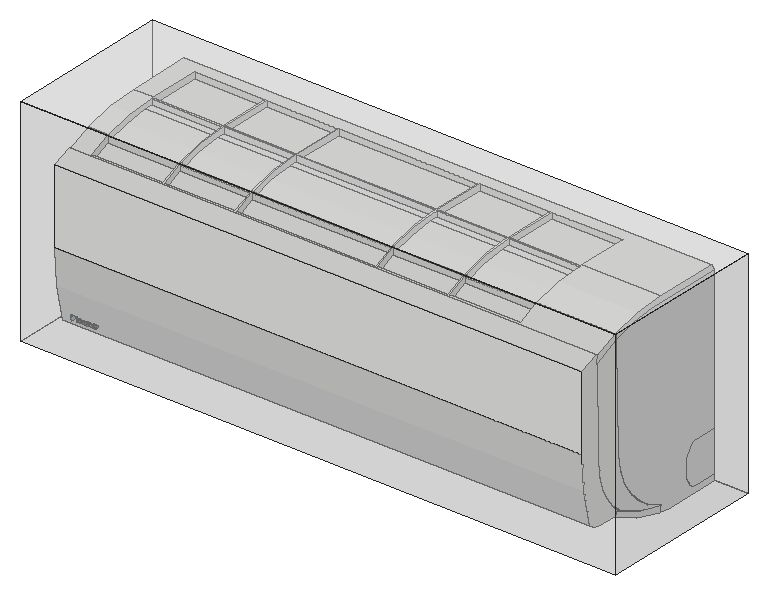
Revit family "outputfile", category 機械設備, Revit 2024
Family settings
  丸型コネクタ寸法 = 半径を使用
  パーツ タイプ = 標準
  OmniClass 番号 = 23.75.10.24.21.27.27
  OmniClass タイトル = Split System Air Conditioning Units
  作業面ベース = いいえ
  常に垂直 = はい
  ロード時にボイドで切り取り = いいえ
  注釈の向きを維持 = いいえ
  共有 = いいえ
  部屋計算ポイント = いいえ
Parameters (values of type "FTKB50XVMV")
  Description = ""
  書き出し IFC クラス(タイプ) = "IfcUnitaryEquipmentType"
  定義済み IFC タイプ(タイプ) = "AIRCONDITIONINGUNIT"
  Cost = 0
  Type Comments = ""
  Keynote = ""
  Type Image = (empty or 0)
  Assembly Code = ""
  w_wall hole = 48.0 mm  # constant formula
  製造元 = "Daikin"
  モデル = "FTKB50XVMV"
  switch_frequency = yes
  r_Liquid Pipe Size = Liquid Pipe Size / 2  # 3.2 mm
  r_Gas Pipe Size = Gas Pipe Size / 2  # 6.35 mm
  r_Drain Pipe Size = Drain Pipe Size / 2  # 8.0 mm
  lw_powersupply [instance] = if(or(Rear Right Connection_refrigerant, Bottom Right Connection_refrigerant), 30.0 mm, if(or(Rear Left Connection_refrigerant, Bottom Left Connection_refrigerant), 740.0 mm, 385.0 mm))  # 385.0 mm
  lw_liquidpipe [instance] = if(or(Rear Right Connection_refrigerant, Bottom Right Connection_refrigerant), 0.0 mm, if(or(Rear Left Connection_refrigerant, Bottom Left Connection_refrigerant), 674.0 mm, 385.0 mm))  # 385.0 mm
  lw_gaspipe [instance] = if(or(Rear Right Connection_refrigerant, Bottom Right Connection_refrigerant), 0.0 mm, if(or(Rear Left Connection_refrigerant, Bottom Left Connection_refrigerant), 674.0 mm, 345.0 mm))  # 345.0 mm
  lw_drainpipe [instance] = if(or(Rear Right Connection_refrigerant, Bottom Right Connection_refrigerant), 0.0 mm, if(or(Rear Left Connection_refrigerant, Bottom Left Connection_refrigerant), 674.0 mm, 440.0 mm))  # 440.0 mm
  l_powersupply_length [instance] = if(Right Connection_refrigerant, 385.0 mm, if(Left Connection_refrigerant, 385.0 mm, if(or(Rear Left Connection_refrigerant, Rear Right Connection_refrigerant), 15.0 mm, 50.0 mm)))  # 385.0 mm
  l_liquidpipe_length [instance] = if(Right Connection_refrigerant, 433.0 mm, if(Left Connection_refrigerant, 337.0 mm, if(or(Rear Left Connection_refrigerant, Rear Right Connection_refrigerant), 30.0 mm, 40.0 mm)))  # 433.0 mm
  l_gaspipe_length [instance] = if(Right Connection_refrigerant, 393.0 mm, if(Left Connection_refrigerant, 377.0 mm, if(or(Rear Left Connection_refrigerant, Rear Right Connection_refrigerant), 40.0 mm, 50.0 mm)))  # 393.0 mm
  l_drainpipe_length [instance] = if(Right Connection_refrigerant, 488.0 mm, if(Left Connection_refrigerant, 282.0 mm, if(or(Rear Left Connection_refrigerant, Rear Right Connection_refrigerant), 15.0 mm, 20.0 mm)))  # 488.0 mm
  h*** = 0.0 mm  # constant formula
  connector_voltage = Voltage_50Hz  # 230 V
  connector_powerinput = [Power Input (Cooling)]  # 0.000 kW
  connector_phase = Phase_50Hz  # 1
  angle_vertical [instance] = if(or(Bottom Left Connection_refrigerant, Bottom Right Connection_refrigerant), 0.00°, 90.00°)  # 90.00°
  angle_horizontal [instance] = if(Right Connection_refrigerant, 90.00°, if(Left Connection_refrigerant, -90.00°, if(or(Rear Left Connection_refrigerant, Rear Right Connection_refrigerant), 180.00°, 0.00°)))  # 90.00°
  Width = 770.0 mm
  Voltage_comment_50Hz = "220 - 240"
  Voltage_50Hz = 230 V
  Version = "ver.1.0"
  Unit Type = "Wall Mounted"
  Unit Mass Weight = 8.00 kg
  Unit Designation [instance] = ""
  Uniclass2015Version = "Products v1.30"
  Uniclass2015Title = "Split coil room air conditioning units"
  Uniclass2015Code = "Pr_70_65_03_86"
  URL = ""
  Total Cooling Capacity [instance] = 0.000 kW
  Sound Pressure Level_M speed (dBA) = 40
  Sound Pressure Level_L speed (dBA) = 35
  Sound Pressure Level_H speed (dBA) = 44
  Sound Power Level_H speed (dB) = 0
  Series = "Single Split_Fan Coil Unit"
  Sensible Cooling Capacity [instance] = 0.000 kW
  Refrigerant Type = "R32"
  Power Input (Cooling) = 0.000 kW
  Phase_50Hz = 1
  Option Accessory 3 [instance] = ""
  Option Accessory 2 [instance] = ""
  Option Accessory 1 [instance] = ""
  Nominal Cooling Capacity = 5.300 kW
  Minimum Circuit Amps_50Hz = 0.0 A
  Minimum Airflow = 516.00 m³/h
  Median Airflow = 636.00 m³/h
  Maximum Fuse Amps_50Hz = 0.0 A
  Maximum Airflow = 774.00 m³/h
  Material_Casing = DAIKIN_White_Casing_indoorunit
  Load Classification = HVAC
  Liquid Pipe Size = 6.4 mm
  Link_Nested Family [instance] = ""
  IfcVersion = ""
  IfcExportType = "AIRCONDITIONINGUNIT"
  IfcExportAs = "IfcUnitaryEquipmentType"
  Height = 285.0 mm
  Heat Exchanger Type = "Cross Fin Coil"
  Gas Pipe Size = 12.7 mm
  Frequency_50Hz = 50 Hz
  Fan Type = "Cross Flow Fan"
  Fan Drive = "Direct Drive"
  FCU Tag No. [instance] = ""
  Drain Pipe Size = 16.0 mm
  Design Supply Airflow [instance] = 0.00 m³/h
  Depth = 242.0 mm
  既定の高さ = 0.0 mm
  Cooling Entering Wet Bulb Temperature [instance] = 0.00 °C
  Cooling Entering Dry Bulb Temperature [instance] = 0.00 °C
  Cooling Ambient Wet Bulb Temperature [instance] = 0.00 °C
  Cooling Ambient Dry Bulb Temperature [instance] = 0.00 °C
  Clearance visibility [instance] = yes
  Clearance Top = 30.0 mm
  Clearance Right = 50.0 mm
  Clearance Rear = 0.0 mm
  Clearance Left = 50.0 mm
  Clearance Front = 0.0 mm
  Clearance Bottom = 0.0 mm
  Bottom Right Connection_refrigerant [instance] = no
  Bottom Left Connection_refrigerant [instance] = no
  Rear Right Connection_refrigerant [instance] = no
  Rear Left Connection_refrigerant [instance] = no
  Right Connection_refrigerant [instance] = yes
  Left Connection_refrigerant [instance] = no
Reference planes
  plane 1 "Back": y = 0
  plane 2: z = 0
  plane 3 "Center (Left/Right)": x = 0
  plane 4 "Center (Front/Back)": y = -121
  plane 5 "Front": y = -242
  plane 6 "Left": x = -385
  plane 7 "Right": x = 385
  plane 8 "Top": z = 0
  plane 9 "Bottom": z = -285
  plane 10: x = -435
  plane 11: x = 435
  plane 12: y = 0
  plane 13: y = -242
  plane 14: z = 30
  plane 15: z = -285
  plane 16 "lw_Piping and Wiring intake": x = 337
  plane 17 "lw_gaspipe": x = -8
  plane 18 "lw_liquidpipe": x = -48
  plane 19 "lw_drainpipe": x = -103
  plane 20 "lh_drainpipe": z = -265
  plane 21 "lh_liquidpipe": z = -245
  plane 22 "lh_gaspipe": z = -235
  plane 23 "ld_drainpipe": y = -15
  plane 24 "ld_liquidpipe": y = -30
  plane 25 "ld_gaspipe": y = -40
  plane 26 "lw_powersupply": x = 0
Dimensions and locks
  equal spacing: plane 6 "Left", plane 3 "Center (Left/Right)", plane 7 "Right"
  "Width": plane 6 "Left" to plane 7 "Right"
  equal spacing: plane 5 "Front", plane 4 "Center (Front/Back)", plane 1 "Back"
  "Depth": plane 5 "Front" to plane 1 "Back"
  "Height": plane 8 "Top" to plane 9 "Bottom"
  "Clearance Rear": plane 12 to plane 1 "Back"
  "Clearance Front": plane 13 to plane 5 "Front"
  "Clearance Top": plane 14 to plane 8 "Top"
  "Clearance Bottom": plane 9 "Bottom" to plane 15
  "w_wall hole": plane 16 "lw_Piping and Wiring intake" to plane 7 "Right"
  "lw_gaspipe": plane 17 "lw_gaspipe" to plane 16 "lw_Piping and Wiring intake"
  "lw_liquidpipe": plane 18 "lw_liquidpipe" to plane 16 "lw_Piping and Wiring intake"
  "lw_drainpipe": plane 19 "lw_drainpipe" to plane 16 "lw_Piping and Wiring intake"
  locked: plane 20 "lh_drainpipe" to plane 9 "Bottom" at 20
  locked: plane 21 "lh_liquidpipe" to plane 9 "Bottom" at 40
  locked: plane 22 "lh_gaspipe" to plane 9 "Bottom" at 50
  locked: plane 23 "ld_drainpipe" to plane 1 "Back" at 15
  locked: plane 1 "Back" to plane 24 "ld_liquidpipe" at 30
  locked: plane 1 "Back" to plane 25 "ld_gaspipe" at 40
  "lw_powersupply": plane 26 "lw_powersupply" to plane 7 "Right"
  "Clearance Right": plane 7 "Right" to plane 11
  "Clearance Left": plane 10 to plane 6 "Left"
  aligned and locked: level to plane 2
  aligned and locked: plane 12 to nested 1
  aligned and locked: nested 1 to plane 13
  aligned and locked: plane 10 to nested 1
  aligned and locked: plane 11 to nested 1
  aligned and locked: plane 15 to nested 1
  aligned and locked: plane 14 to nested 1
  aligned and locked: plane 17 "lw_gaspipe" to nested 2
  aligned and locked: nested 2 to plane 25 "ld_gaspipe"
  aligned and locked: plane 18 "lw_liquidpipe" to nested 3
  aligned and locked: nested 3 to plane 24 "ld_liquidpipe"
  aligned and locked: plane 19 "lw_drainpipe" to nested 4
  aligned and locked: nested 4 to plane 23 "ld_drainpipe"
  aligned and locked: nested 5 to plane 23 "ld_drainpipe"
  aligned and locked: plane 26 "lw_powersupply" to nested 5
  aligned and locked: level to plane 8 "Top"
  aligned and locked: plane 3 "Center (Left/Right)" to nested 6
  aligned and locked: plane 8 "Top" to nested 6
  aligned and locked: plane 1 "Back" to nested 6
Nested families
  nested 1: "daikin_clearancespace" at (0, -121, -127.381), show <- "Clearance visibility", visible <- "Clearance visibility", Link_Nested Family <- "Link_Nested Family", type "daikin_clearancespace"
    with width 870.0 mm, show yes, height 315.0 mm, depth 242.0 mm, Link_Nested Family ""
  nested 2: "daikin_connector_rotate3" at (-8, -40, -235), angle_vertical <- "angle_vertical", angle_horizontal <- "angle_horizontal", length <- "l_gaspipe_length", radius <- "r_Gas Pipe Size", type "daikin_connector_rotate3"
    with show no, radius 6.35 mm, length 393.0 mm, angle_vertical 90.00°, angle_horizontal 90.00°
  nested 3: "daikin_connector_rotate3" at (-48, -30, -245), angle_vertical <- "angle_vertical", angle_horizontal <- "angle_horizontal", radius <- "r_Liquid Pipe Size", length <- "l_liquidpipe_length", type "daikin_connector_rotate3"
    with show no, radius 3.2 mm, length 433.0 mm, angle_vertical 90.00°, angle_horizontal 90.00°
  nested 4: "daikin_connector_rotate3" at (-103, -15, -265), angle_vertical <- "angle_vertical", angle_horizontal <- "angle_horizontal", length <- "l_drainpipe_length", radius <- "r_Drain Pipe Size", type "daikin_connector_rotate3"
    with show no, radius 8.0 mm, length 488.0 mm, angle_vertical 90.00°, angle_horizontal 90.00°
  nested 5: "daikin_connector_rotate3" at (0, -15, -235), angle_vertical <- "angle_vertical", angle_horizontal <- "angle_horizontal", length <- "l_powersupply_length", type "daikin_connector_rotate3"
    with show no, radius 10.0 mm, length 385.0 mm, angle_vertical 90.00°, angle_horizontal 90.00°
  nested 6: "DAIKIN_indoorunit_FTKB-XVMV" at (-31, 0, 0), type "FTKB-XVMV"
Connectors
  piping at (385, -40, -235), diameter 12.7, driven by "r_Gas Pipe Size"
    settings: on nested 2, index 1, connector inside diameter 609.6 mm, connector length 0.0 mm, flow factor 0, pipe flow 0.00 m³/h, pressure drop 0.0 Pa, fitting loss kfactor 0, connector angle 0.00°, fixture units 0, engagement length 0.0 mm, angle of deflection 0.00°, flow configuration 1, flow direction 2, fitting loss method 0, system type 29, joint type 0, gender type 0, connector reference index -1, connector utility 0, adjustable connector no, is connector primary yes, connector description "Refrigerant Gas Piping"
  piping at (385, -30, -245), diameter 6.4, driven by "r_Liquid Pipe Size"
    settings: on nested 3, index 2, connector inside diameter 609.6 mm, connector length 0.0 mm, flow factor 0, pipe flow 0.00 m³/h, pressure drop 0.0 Pa, fitting loss kfactor 0, connector angle 0.00°, fixture units 0, engagement length 0.0 mm, angle of deflection 0.00°, flow configuration 1, flow direction 1, fitting loss method 0, system type 29, joint type 0, gender type 0, connector reference index -1, connector utility 0, adjustable connector no, is connector primary no, connector description "Refrigerant Liquid Piping"
  piping at (385, -15, -265), diameter 16, driven by "r_Drain Pipe Size"
    settings: on nested 4, index 3, connector inside diameter 609.6 mm, connector length 0.0 mm, flow factor 0, pipe flow 0.00 m³/h, pressure drop 0.0 Pa, fitting loss kfactor 0, connector angle 0.00°, fixture units 0, engagement length 0.0 mm, angle of deflection 0.00°, flow configuration 1, flow direction 2, fitting loss method 4, system type 16, joint type 0, gender type 0, connector reference index -1, connector utility 0, adjustable connector no, is connector primary no, connector description "Condensate Drain Piping"
  electrical at (385, -15, -235), driven by "Load Classification", driven by "connector_voltage", driven by "connector_phase", driven by "connector_powerinput"
    settings: on nested 5, index 4, voltage 230 V, apparent load 0 VA, apparent load phase1 0 VA, apparent load phase2 0 VA, apparent load phase3 0 VA, power factor 1, load classification "HVAC", number of poles 1, system type 30, power factor state 1, is connector primary yes, connector utility no, sub classification motor no, connector description "Power Supply"
Definition of nested family "daikin_clearancespace"
  Parameters (values of type "daikin_clearancespace")
    Description = "daikin_clearancespace"
    width [instance] = 1823.963 mm
    show [instance] = yes
    material = none
    height [instance] = 1359.762 mm
    depth [instance] = 880.0 mm
    Default Elevation = 0.0 mm
    Link_Nested Family [instance] = ""
  Reference planes
    plane 1 "Center (Front/Back)": y = 0
    plane 2 "Center (Elevation)": z = -0.119
    plane 3 "Center (Left/Right)": x = 0
    plane 4: y = 440
    plane 5: y = -440
    plane 6 "Right": x = 911.982
    plane 7 "Left": x = -911.982
    plane 8 "Top": z = 679.762
    plane 9 "Bottom": z = -680
  Forms (mm)
    Extrusion 1, solid, material <- "material", visible <- "show"
      sketch origin (0, 0, 0) x (1, 0, 0) y (0, 1, 0)
        loop
          line (-911.982, 440) -> (-911.982, -440) -> (911.982, -440) -> (911.982, 440) -> (-911.982, 440)
      from -680 to 679.762
  Lines and regions (mm)
    symbolic lines, visible <- "show"
      curve 1: line (911.982, 440, 0) -> (-911.982, 440, 0)
      curve 2: line (-911.982, 440, 0) -> (-911.982, -440, 0)
      curve 3: line (-911.982, -440, 0) -> (911.982, -440, 0)
      curve 4: line (911.982, -440, 0) -> (911.982, 440, 0)
      curve 5: line (911.982, 0, 679.762) -> (-911.982, 0, 679.762)
      curve 6: line (911.982, 0, -680) -> (911.982, 0, 679.762)
      curve 7: line (-911.982, 0, -680) -> (911.982, 0, -680)
      curve 8: line (-911.982, 0, 679.762) -> (-911.982, 0, -680)
      curve 9: line (0, 440, 679.762) -> (0, -440, 679.762)
      curve 10: line (0, -440, 679.762) -> (0, -440, -680)
      curve 11: line (0, 440, -680) -> (0, 440, 679.762)
      curve 12: line (0, -440, -680) -> (0, 440, -680)
  Dimensions and locks
    "width": plane 7 "Left" to plane 6 "Right"
    "depth": plane 4 to plane 5
    "height": plane 8 "Top" to plane 9 "Bottom"
    equal spacing: plane 7 "Left", plane 3 "Center (Left/Right)", plane 6 "Right"
    equal spacing: plane 4, plane 1 "Center (Front/Back)", plane 5
    equal spacing: plane 8 "Top", plane 2 "Center (Elevation)", plane 9 "Bottom"
    aligned and locked: level to plane 2 "Center (Elevation)"
    aligned and locked: Extrusion 1 sketch curve to plane 4
    aligned and locked: plane 7 "Left" to Extrusion 1 sketch curve
    aligned and locked: Extrusion 1 sketch curve to plane 5
    aligned and locked: Extrusion 1 sketch curve to plane 6 "Right"
    aligned and locked: plane 8 "Top" to Extrusion 1
    aligned and locked: curve 1 to Extrusion 1
    aligned and locked: curve 2 to Extrusion 1
    aligned and locked: curve 3 to Extrusion 1
    aligned and locked: curve 4 to Extrusion 1
    aligned and locked: curve 5 to Extrusion 1
    aligned and locked: curve 6 to Extrusion 1
    aligned and locked: curve 7 to Extrusion 1
    aligned and locked: curve 8 to Extrusion 1
    aligned and locked: curve 9 to Extrusion 1
    aligned and locked: curve 10 to Extrusion 1
    aligned and locked: curve 11 to Extrusion 1
    aligned and locked: curve 12 to Extrusion 1
    aligned and locked: Extrusion 1 to plane 9 "Bottom"
Definition of nested family "DAIKIN_indoorunit_FTKB-XVMV"
  Parameters (values of type "FTKB-XVMV")
    Width = 770.0 mm
    Material_Casing = none
    Height = 285.0 mm
    Default Elevation = 0.0 mm
  Reference planes
    plane 1 "Center (Front/Back)": y = 0
    plane 2 "reference_level": z = 0
    plane 3 "Center (Left/Right)": x = 31
    plane 4: x = -354
    plane 5: x = 416
    plane 6: y = -242
    plane 7: z = -285
  Forms (mm)
    Extrusion 1, solid, material <- "Material_Casing"
      sketch origin (31, 0, 0) x (0, 1, 0) y (0, 0, 1)
        loop
          line (-181.516, -252.416) -> (-177.432, -245.341)
          arc (-177.432, -245.341) -> (-187.602, -234.721) -> (-196.157, -222.761) r 103
          arc (-196.157, -222.761) -> (-204.858, -204.875) -> (-209.959, -185.65) r 103
          arc (-209.959, -185.65) -> (-211.672, -172.918) -> (-212.646, -160.108) r 222
          arc (-212.646, -160.108) -> (-214.738, -92.842) -> (-214.74, -25.543) r 2166.704
          line (-214.74, -25.543) -> (-242, -36.1) -> (-242, -144.253)
          arc (-242, -144.253) -> (-238.127, -195.07) -> (-226.597, -244.714) r 335.315
          arc (-226.597, -244.714) -> (-218.704, -249.531) -> (-209.718, -251.715) r 30
          arc (-209.718, -251.715) -> (-195.628, -252.481) -> (-181.516, -252.416) r 239.767
      from -385 to 385
    Extrusion 2, solid, material <- "Material_Casing"
      sketch origin (31, 0, 0) x (0, 1, 0) y (0, 0, 1)
        loop
          line (0, -8.5) -> (-113.618, -8.5)
          arc (-113.618, -8.5) -> (-146.846, -12.967) -> (-179.138, -21.983) r 242
          arc (-179.138, -21.983) -> (-179.047, -97.761) -> (-175.674, -173.465) r 1749.053
          arc (-175.674, -173.465) -> (-151.972, -235.488) -> (-97.504, -273.461) r 112.896
          line (-97.504, -273.461) -> (-97.504, -283.03)
          arc (-97.504, -283.03) -> (-89.849, -284.138) -> (-82.162, -285) r 240
          line (-82.162, -285) -> (0, -285) -> (0, -8.5)
      from -385 to 385
    Extrusion 3, solid, material <- "Material_Casing"
      sketch origin (31, 0, 0) x (0, 1, 0) y (0, 0, 1)
        loop
          arc (-98, 0) -> (-139.118, -3.405) -> (-179.116, -13.525) r 250
          arc (-179.116, -13.525) -> (-179.134, -17.754) -> (-179.138, -21.983) r 1232.815
          arc (-179.138, -21.983) -> (-146.846, -12.967) -> (-113.618, -8.5) r 242
          line (-113.618, -8.5) -> (0, -8.5) -> (-5, 0) -> (-98, 0)
      from -385 to 385
    Extrusion 4, solid, material <- "Material_Casing"
      sketch origin (31, 0, 0) x (0, 1, 0) y (0, 0, 1)
        loop
          arc (-179.116, -13.525) -> (-196.73, -20.321) -> (-213.781, -28.427) r 250
          arc (-213.781, -28.427) -> (-213.841, -32.971) -> (-213.891, -37.516) r 2163.952
          arc (-213.891, -37.516) -> (-196.821, -29.065) -> (-179.138, -21.983) r 242
          arc (-179.138, -21.983) -> (-179.134, -17.754) -> (-179.116, -13.525) r 1232.815
      from -385 to 385
    Extrusion 5, solid, material <- "Material_Casing"
      sketch origin (31, 0, 0) x (0, 1, 0) y (0, 0, 1)
        loop
          arc (-179.138, -21.983) -> (-196.821, -29.065) -> (-213.891, -37.516) r 242
          arc (-213.891, -37.516) -> (-213.638, -98.737) -> (-211.653, -159.927) r 2163.952
          arc (-211.653, -159.927) -> (-210.685, -172.747) -> (-208.973, -185.489) r 221
          arc (-208.973, -185.489) -> (-197.132, -219.133) -> (-174.432, -246.644) r 102
          arc (-174.432, -246.644) -> (-137.432, -263.767) -> (-98, -274.128) r 231.303
          line (-98, -274.128) -> (-98, -273.301)
          arc (-98, -273.301) -> (-152.132, -235.283) -> (-175.674, -173.465) r 112.896
          arc (-175.674, -173.465) -> (-179.047, -97.761) -> (-179.138, -21.983) r 1749.053
      from -385 to 385
    Extrusion 6, solid, material <- "Material_Casing"
      sketch origin (31, 0, 0) x (0, 1, 0) y (0, 0, 1)
        loop
          arc (-99, -274.668) -> (-139.156, -263.909) -> (-176.747, -246.156) r 232
          line (-176.747, -246.156) -> (-180.748, -253.084)
          arc (-180.748, -253.084) -> (-141.23, -271.668) -> (-99, -282.784) r 240
          line (-99, -282.784) -> (-99, -274.668)
      from 334 to 385
    Extrusion 7, solid, material <- "Material_Casing"
      sketch origin (31, 0, 0) x (0, 1, 0) y (0, 0, 1)
        loop
          arc (-99, -274.668) -> (-139.156, -263.909) -> (-176.747, -246.156) r 232
          line (-176.747, -246.156) -> (-180.748, -253.084)
          arc (-180.748, -253.084) -> (-141.23, -271.668) -> (-99, -282.784) r 240
          line (-99, -282.784) -> (-99, -274.668)
      from 267 to 333
    Extrusion 8, solid, material <- "Material_Casing"
      sketch origin (31, 0, 0) x (0, 1, 0) y (0, 0, 1)
        loop
          arc (-99, -274.668) -> (-139.156, -263.909) -> (-176.747, -246.156) r 232
          line (-176.747, -246.156) -> (-180.748, -253.084)
          arc (-180.748, -253.084) -> (-141.23, -271.668) -> (-99, -282.784) r 240
          line (-99, -282.784) -> (-99, -274.668)
      from -385 to -338.5
    Extrusion 9, solid, material <- "Material_Casing"
      sketch origin (31, 0, 0) x (0, 1, 0) y (0, 0, 1)
        loop
          arc (-118.787, -270.332) -> (-148.589, -260.214) -> (-176.747, -246.156) r 232
          line (-176.747, -246.156) -> (-180.748, -253.084)
          arc (-180.748, -253.084) -> (-152.638, -267.191) -> (-122.926, -277.5) r 240
          line (-122.926, -277.5) -> (-118.787, -270.332)
      from -335.5 to 264.6
    Extrusion 10, solid, material <- "Material_Casing"
      sketch origin (31, 0, 0) x (0, 1, 0) y (0, 0, 1)
        loop
          line (0, -276.246) -> (0, -216.246) -> (-30, -216.246)
          arc (-30, -216.246) -> (-44.142, -222.104) -> (-50, -236.246) r 20
          line (-50, -236.246) -> (-50, -256.246)
          arc (-50, -256.246) -> (-44.142, -270.388) -> (-30, -276.246) r 20
          line (-30, -276.246) -> (0, -276.246)
      from 380 to 385
    Extrusion 11, solid, material <- "Material_Casing"
      sketch origin (-734, 0, 0) x (0, 1, 0) y (0, 0, 1)
        loop
          line (0, -276.246) -> (0, -216.246) -> (-30, -216.246)
          arc (-30, -216.246) -> (-44.142, -222.104) -> (-50, -236.246) r 20
          line (-50, -236.246) -> (-50, -256.246)
          arc (-50, -256.246) -> (-44.142, -270.388) -> (-30, -276.246) r 20
          line (-30, -276.246) -> (0, -276.246)
      from 380 to 385
    Extrusion 12, solid, material <- "Material_Casing"
      sketch origin (4267.2, -957.059, -285) x (0, -1, 0) y (1, 0, 0)
        loop
          line (-957.059, -4610.2) -> (-927.059, -4610.2)
          arc (-927.059, -4610.2) -> (-912.917, -4604.342) -> (-907.059, -4590.2) r 20
          line (-907.059, -4590.2) -> (-907.059, -4570.2)
          arc (-907.059, -4570.2) -> (-912.917, -4556.058) -> (-927.059, -4550.2) r 20
          line (-927.059, -4550.2) -> (-957.059, -4550.2) -> (-957.059, -4610.2)
        loop
          line (-957.059, -3922.2) -> (-927.059, -3922.2)
          arc (-927.059, -3922.2) -> (-912.917, -3916.342) -> (-907.059, -3902.2) r 20
          line (-907.059, -3902.2) -> (-907.059, -3882.2)
          arc (-907.059, -3882.2) -> (-912.917, -3868.058) -> (-927.059, -3862.2) r 20
          line (-927.059, -3862.2) -> (-957.059, -3862.2) -> (-957.059, -3922.2)
      from 0 to 5
    Extrusion 13, solid, material <- "Material_Casing"
      sketch origin (0, 0, 0) x (1, 0, 0) y (0, 0, 1)
        loop
          circle (-306, -240.5) r 32.5
        loop
          circle (368, -240.5) r 32.5
      from 0 to 5
    Extrusion 14, void
      sketch origin (0, 0, 0) x (1, 0, 0) y (0, 1, 0)
        loop
          line (-324.5, -23.5) -> (-324.5, -100) -> (-221, -100) -> (-221, -23.5) -> (-324.5, -23.5)
        loop
          line (-324.5, -102) -> (-324.5, -180.5) -> (-221, -180.5) -> (-221, -102) -> (-324.5, -102)
        loop
          line (-221, -181.5) -> (-324.5, -181.5) -> (-324.5, -210) -> (-221, -210) -> (-221, -181.5)
        loop
          line (-219, -23.5) -> (-219, -100) -> (-115.5, -100) -> (-115.5, -23.5) -> (-219, -23.5)
        loop
          line (-219, -102) -> (-219, -180.5) -> (-115.5, -180.5) -> (-115.5, -102) -> (-219, -102)
        loop
          line (-115.5, -181.5) -> (-219, -181.5) -> (-219, -210) -> (-115.5, -210) -> (-115.5, -181.5)
        loop
          line (92, -23.5) -> (92, -100) -> (195.5, -100) -> (195.5, -23.5) -> (92, -23.5)
        loop
          line (92, -102) -> (92, -180.5) -> (195.5, -180.5) -> (195.5, -102) -> (92, -102)
        loop
          line (195.5, -181.5) -> (92, -181.5) -> (92, -210) -> (195.5, -210) -> (195.5, -181.5)
        loop
          line (197.5, -23.5) -> (197.5, -100) -> (301, -100) -> (301, -23.5) -> (197.5, -23.5)
        loop
          line (197.5, -102) -> (197.5, -180.5) -> (301, -180.5) -> (301, -102) -> (197.5, -102)
        loop
          line (301, -181.5) -> (197.5, -181.5) -> (197.5, -210) -> (301, -210) -> (301, -181.5)
        loop
          line (-113.5, -23.5) -> (-113.5, -100) -> (90, -100) -> (90, -23.5) -> (-113.5, -23.5)
        loop
          line (-113.5, -102) -> (-113.5, -180.5) -> (90, -180.5) -> (90, -102) -> (-113.5, -102)
        loop
          line (-113.5, -181.5) -> (-113.5, -210) -> (90, -210) -> (90, -181.5) -> (-113.5, -181.5)
      from -45.568 to 39.59
  Cuts and joins
    Extrusion 14 cuts Extrusion 4
    Extrusion 14 cuts Extrusion 3
  Dimensions and locks
    plane 4 to plane 5 = 770.0 mm
    plane 4 to plane 3 "Center (Left/Right)" to plane 5 = 385.0 mm, 385.0 mm
    plane 6 to plane 1 "Center (Front/Back)" = 242.0 mm
    level to plane 7 = 285.0 mm
    locked: Extrusion 13 sketch curve to plane 4 at 48
    locked: plane 5 to Extrusion 13 sketch curve at 48
    locked: Extrusion 13 sketch curve to plane 7 at 44.5  (x2)
    locked: nested 1 to plane 4 at 15
    radius of Extrusion 13 sketch curve = 32.5 mm  (x2)
    aligned and locked: level to plane 2 "reference_level"
  Nested families
    nested 1: "daikin_logo_plane_w40" at (-320, -229.425, -231.122) x (1, 0, 0) z (0, -0.9656, -0.2599), type "daikin_logo_plane_w40"
      with show_logo yes
  Definition of nested family "daikin_logo_plane_w40"
    Parameters (values of type "daikin_logo_plane_w40")
      width = 40.0 mm
      show_logo [instance] = yes
      material = none
      height = 0.0 mm
      depth = 0.0 mm
      Default Elevation = 1219.2 mm
    Reference planes
      plane 1 "Center (Front/Back)": y = 0
      plane 2: z = 0
      plane 3 "Center (Left/Right)": x = 0
      plane 4: z = 2
      plane 5 "left": x = -19
      plane 6: x = 19
    Forms (mm)
      Extrusion 1, solid, visible <- "show_logo"
        sketch origin (-19, 0, 0) x (1, 0, 0) y (0, 1, 0)
          loop
            line (8.902, -1.878) -> (7.789, -6.332) -> (11.13, -6.332)
            arc (11.13, -6.332) -> (12.454, -6.064) -> (13.472, -5.176) r 2.642
            arc (13.472, -5.176) -> (13.92, -4.02) -> (13.767, -2.79) r 2.537
            arc (13.767, -2.79) -> (13.452, -2.342) -> (12.982, -2.06) r 1.321
            arc (12.982, -2.06) -> (12.063, -1.902) -> (11.13, -1.878) r 6.479
            line (11.13, -1.878) -> (8.902, -1.878)
          loop
            line (10.016, -5.441) -> (10.907, -5.441)
            arc (10.907, -5.441) -> (11.591, -4.983) -> (11.988, -4.261) r 1.742
            spline (11.988, -4.261) -> (12.01, -4.155) -> (12.027, -4.03) -> (12.037, -3.893) -> (12.037, -3.747) -> (12.026, -3.598) -> (12.002, -3.451) -> (11.962, -3.31) -> (11.905, -3.181) -> (11.829, -3.069) -> (11.731, -2.978) -> (11.61, -2.913) -> (11.464, -2.88)
            line (11.464, -2.88) -> (10.573, -2.88) -> (10.016, -5.441)
          loop
            line (13.58, -6.332) -> (14.805, -6.332) -> (15.223, -5.553) -> (16.977, -5.553) -> (17.144, -6.332) -> (19.149, -6.332) -> (18.258, -1.878) -> (16.03, -1.878) -> (13.58, -6.332)
          loop
            line (16.476, -3.214) -> (15.76, -4.551) -> (16.762, -4.551) -> (16.476, -3.214)
          loop
            line (19.705, -6.332) -> (21.599, -6.332) -> (22.712, -1.878) -> (20.819, -1.878) -> (19.705, -6.332)
          loop
            line (22.712, -6.332) -> (24.606, -6.332) -> (24.908, -5.122) -> (25.831, -6.332) -> (28.17, -6.332) -> (26.388, -3.994) -> (28.949, -1.878) -> (26.945, -1.878) -> (25.401, -3.153) -> (25.719, -1.878) -> (23.826, -1.878) -> (22.712, -6.332)
          loop
            line (29.84, -1.878) -> (28.615, -6.332) -> (30.62, -6.332) -> (31.734, -1.878) -> (29.84, -1.878)
          loop
            line (31.734, -6.332) -> (33.07, -6.332) -> (33.7, -3.814) -> (34.518, -6.332) -> (36.745, -6.332) -> (37.859, -1.878) -> (36.523, -1.878) -> (35.845, -4.589) -> (34.963, -1.878) -> (32.847, -1.878) -> (31.734, -6.332)
        from 0 to 2
      Extrusion 2, solid, visible <- "show_logo"
        sketch origin (-19, 0, 0) x (1, 0, 0) y (0, 1, 0)
          loop
            line (8.7, 0) -> (4.235, 0) -> (0, -3.879) -> (0, -8) -> (8.7, 0)
        from 0 to 2
      Extrusion 3, solid, visible <- "show_logo"
        sketch origin (-19, 0, 0) x (1, 0, 0) y (0, 1, 0)
          loop
            line (0, 0) -> (0, -3.879) -> (4.235, 0) -> (0, 0)
        from 0 to 2
    Dimensions and locks
      plane 4 to plane 2 = 2.0 mm
      equal spacing: plane 5 "left", plane 3 "Center (Left/Right)", plane 6
      locked: plane 5 "left" to plane 6 at 38
      aligned and locked: level to plane 2
      aligned and locked: Extrusion 3 to plane 1 "Center (Front/Back)"  (x2)
      aligned and locked: Extrusion 2 to plane 1 "Center (Front/Back)"  (x2)
      aligned and locked: plane 4 to Extrusion 1
      aligned and locked: plane 4 to Extrusion 3
      aligned and locked: plane 4 to Extrusion 2
      aligned and locked: Extrusion 3 to plane 5 "left"
      aligned and locked: Extrusion 2 to plane 5 "left"
    Automatic sketch dimensions
      Extrusion 1 sketch curve to Extrusion 1 sketch curve = 0.901 mm
      Extrusion 1 sketch curve to Extrusion 1 sketch curve = 1.559 mm
      Extrusion 1 sketch curve to Extrusion 1 sketch curve = 1.327 mm
      Extrusion 1 sketch curve to Extrusion 1 sketch curve = 2.145 mm
      Extrusion 1 sketch curve to Extrusion 1 sketch curve = 1.448 mm
      Extrusion 1 sketch curve to Extrusion 1 sketch curve = 2.116 mm
      Extrusion 1 sketch curve to Extrusion 1 sketch curve = 1.114 mm  (x4)
      Extrusion 1 sketch curve to Extrusion 1 sketch curve = 1.336 mm  (x2)
      plane 1 "Center (Front/Back)" to Extrusion 1 sketch curve = 1.878 mm  (x5)
      Extrusion 1 sketch curve to Extrusion 1 sketch curve = 1.893 mm  (x5)
      Extrusion 1 sketch curve to Extrusion 1 sketch curve = 0.891 mm  (x4)
      Extrusion 1 sketch curve to Extrusion 1 sketch curve = 2.005 mm  (x3)
      Extrusion 1 sketch curve to Extrusion 1 sketch curve = 0.445 mm  (x2)
      plane 1 "Center (Front/Back)" to Extrusion 1 sketch curve = 3.994 mm
      Extrusion 1 sketch curve to Extrusion 1 sketch curve = 0.557 mm  (x2)
      Extrusion 1 sketch curve to Extrusion 1 sketch curve = 2.339 mm  (x2)
      Extrusion 1 sketch curve to Extrusion 1 sketch curve = 1.225 mm  (x3)
      plane 1 "Center (Front/Back)" to Extrusion 1 sketch curve = 3.153 mm
      Extrusion 1 sketch curve to Extrusion 1 sketch curve = 0.987 mm
      plane 1 "Center (Front/Back)" to Extrusion 1 sketch curve = 5.122 mm
      Extrusion 1 sketch curve to Extrusion 1 sketch curve = 0.922 mm
      plane 1 "Center (Front/Back)" to Extrusion 1 sketch curve = 6.332 mm
      Extrusion 1 sketch curve to Extrusion 1 sketch curve = 2.562 mm
      plane 1 "Center (Front/Back)" to Extrusion 1 sketch curve = 5.553 mm
      Extrusion 1 sketch curve to Extrusion 1 sketch curve = 0.167 mm
      Extrusion 1 sketch curve to Extrusion 1 sketch curve = 0.215 mm
      plane 1 "Center (Front/Back)" to Extrusion 1 sketch curve = 3.214 mm
      Extrusion 1 sketch curve to Extrusion 1 sketch curve = 0.286 mm
      plane 1 "Center (Front/Back)" to Extrusion 1 sketch curve = 4.551 mm
      Extrusion 1 sketch curve to Extrusion 1 sketch curve = 1.002 mm
      Extrusion 1 sketch curve to Extrusion 1 sketch curve = 0.537 mm
      Extrusion 1 sketch curve to Extrusion 1 sketch curve = 0.418 mm
      Extrusion 1 sketch curve to Extrusion 1 sketch curve = 1.028 mm
      plane 1 "Center (Front/Back)" to Extrusion 1 sketch curve = 4.261 mm
      Extrusion 1 sketch curve to Extrusion 1 sketch curve = 0.563 mm
      plane 1 "Center (Front/Back)" to Extrusion 1 sketch curve = 2.88 mm
      Extrusion 1 sketch curve to Extrusion 1 sketch curve = 1.088 mm
      Extrusion 1 sketch curve to Extrusion 1 sketch curve = 2.152 mm
      Extrusion 1 sketch curve to Extrusion 1 sketch curve = 0.586 mm
      Extrusion 1 sketch curve to Extrusion 1 sketch curve = 0.118 mm
      Extrusion 1 sketch curve to Extrusion 1 sketch curve = 0.298 mm
      Extrusion 1 sketch curve to Extrusion 1 sketch curve = 0.334 mm
      Extrusion 1 sketch curve to Extrusion 1 sketch curve = 0.223 mm
      Extrusion 1 sketch curve to Extrusion 1 sketch curve = 0.266 mm
      Extrusion 1 sketch curve to Extrusion 1 sketch curve = 1.671 mm
      Extrusion 1 sketch curve to Extrusion 1 sketch curve = 2.227 mm
      Extrusion 1 sketch curve to Extrusion 1 sketch curve = 0.0 mm  (x7)
      Extrusion 1 sketch curve to Extrusion 1 sketch curve = 3.453 mm
      Extrusion 1 sketch curve to Extrusion 1 sketch curve = 2.017 mm
      Extrusion 1 sketch curve to Extrusion 1 sketch curve = 0.78 mm  (x2)
      Extrusion 1 sketch curve to Extrusion 1 sketch curve = 1.743 mm
      Extrusion 1 sketch curve to Extrusion 1 sketch curve = 0.775 mm
      Extrusion 1 sketch curve to Extrusion 1 sketch curve = 0.552 mm
      Extrusion 1 sketch curve to Extrusion 1 sketch curve = 0.014 mm
      Extrusion 1 sketch curve to Extrusion 1 sketch curve = 0.952 mm
      Extrusion 1 sketch curve to Extrusion 1 sketch curve = 1.215 mm
      Extrusion 1 sketch curve to Extrusion 1 sketch curve = 0.108 mm
      plane 1 "Center (Front/Back)" to Extrusion 2 sketch curve = 0.0 mm
      Extrusion 2 sketch curve to plane 3 "Center (Left/Right)" = 19.0 mm
      Extrusion 2 sketch curve to plane 3 "Center (Left/Right)" = 14.765 mm
      Extrusion 2 sketch curve to Extrusion 2 sketch curve = 4.465 mm
      plane 1 "Center (Front/Back)" to Extrusion 2 sketch curve = 3.879 mm
      Extrusion 2 sketch curve to Extrusion 2 sketch curve = 4.12 mm
      plane 1 "Center (Front/Back)" to Extrusion 3 sketch curve = 0.0 mm
      Extrusion 3 sketch curve to plane 3 "Center (Left/Right)" = 19.0 mm
      Extrusion 3 sketch curve to plane 3 "Center (Left/Right)" = 14.765 mm
      plane 1 "Center (Front/Back)" to Extrusion 3 sketch curve = 3.879 mm
      Extrusion 1 sketch curve to plane 3 "Center (Left/Right)" = 11.211 mm
      Extrusion 1 sketch curve to Extrusion 1 sketch curve = 1.782 mm
Definition of nested family "daikin_connector_rotate3"
  Parameters (values of type "daikin_connector_rotate3")
    show [instance] = yes
    radius [instance] = 10.0 mm
    length [instance] = 600.0 mm
    angle_horizontal [instance] = 60.00°
    angle_vertical [instance] = 90.00°
    Default Elevation = 1219.2 mm
  Reference planes
    plane 1 "Center (Front/Back)": y = 0
    plane 2: z = 0
    plane 3 "Center (Left/Right)": x = 0
  Dimensions and locks
    "angle_horizontal": angle plane 3 "Center (Left/Right)" to nested 1
    aligned and locked: level to plane 2
    aligned and locked: plane 1 "Center (Front/Back)" to nested 1  (x2)
    aligned and locked: plane 3 "Center (Left/Right)" to nested 1
  Nested families
    nested 1: "daikin_connector_rotate2" at (0, 0, 0) x (0.5, 0.866, 0) z (0, 0, 1), angle_vertical <- "angle_vertical", length <- "length", radius <- "radius", type "daikin_connector_rotate2"
      with radius 10.0 mm, length 600.0 mm, angle_vertical 90.00°
  Definition of nested family "daikin_connector_rotate2"
    Parameters (values of type "daikin_connector_rotate2")
      show_face = yes
      radius [instance] = 10.0 mm
      length [instance] = 600.0 mm
      d_surface = 10.0 mm
      angle_vertical [instance] = 90.00°
      Default Elevation = 0.0 mm
    Reference planes
      plane 1 "Center (Front/Back)": y = 0
      plane 2: z = 0
      plane 3 "Center (Left/Right)": x = 0
    Forms (mm)
      Extrusion 1, solid, visible <- "show_face"
        sketch origin (0, -600, 0) x (1, 0, 0) y (0, 0, 1)
          loop
            circle (0, 0) r 10
        from 0 to -10
    Lines and regions (mm)
      reference lines
        curve 1: line (0, 0, 0) -> (0, -600, 0)
      symbolic lines
        curve 2: circle (0, 0, 0) r 5 normal (0, 0, 1)
      model lines, visible <- "show_face"
        curve 3: line (0, 0, 0) -> (0, -600, 0)
    Dimensions and locks
      "length": curve 1 to curve 1
      "length": curve 3 to curve 3
      "d_surface": Extrusion 1 to Extrusion 1
      "radius": radius of Extrusion 1 sketch curve
      "angle_vertical": angle curve 1 to plane 1 "Center (Front/Back)"
      "angle_vertical": angle curve 3 to plane 1 "Center (Front/Back)"
      aligned and locked: level to plane 2
      aligned and locked: plane 1 "Center (Front/Back)" to curve 1
      aligned and locked: plane 2 to curve 1
      aligned and locked: plane 1 "Center (Front/Back)" to curve 2
      aligned and locked: plane 3 "Center (Left/Right)" to curve 2
      aligned and locked: plane 1 "Center (Front/Back)" to curve 3
      aligned and locked: plane 2 to curve 3
      aligned and locked: Extrusion 1 to Extrusion 1
    Automatic sketch dimensions
      Extrusion 1 sketch curve to level = 0.0 mm
      Extrusion 1 sketch curve to plane 3 "Center (Left/Right)" = 0.0 mm
      radius of curve 2 = 5.0 mm
